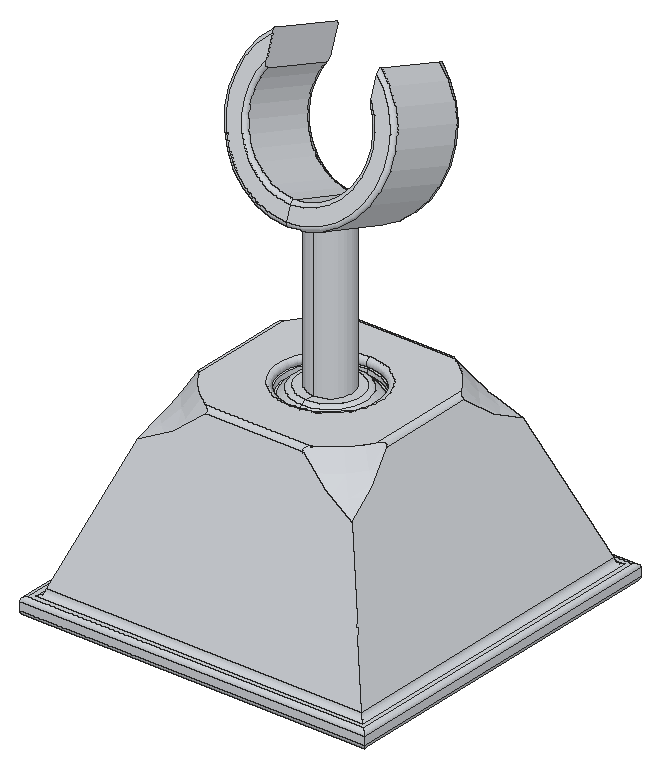
Revit family "Accessory-Handshower_Holder-KOHLER-MEMOIRS-K-422T_1", category Specialty Equipment, host Face, Revit 2017
Family settings
  Host = Face
  Round Connector Dimension = Use Diameter
  Part Type = Normal
  OmniClass Number = 23.31.25.00
  OmniClass Title = Toilet and Bath Specialties
  Cut with Voids When Loaded = No
  Shared = No
  Room Calculation Point = No
Parameters (values of type "CP-Polished Chrome")
  Width = 2 113/256"  # constant formula
  WaterSense Certified = 1 = 0  # no
  URL = "http://www.kohler.com.cn/"
  Type = 1
  Product Page URL = "https://m.kohler.com.cn/en/product/K-422T-CP/K-422T-CP/"
  Product Name = "MEMOIRS"  # constant formula
  Product Documentation Link = "https://files.kohler.com.cn/pdfs/k_975t_1.pdf"
  Model = if(Type = 1, "K-422T-CP", if(Type = 2, "K-422T-RGD ", "NA"))  # "K-422T-CP"
  Material = "Brass Construction"  # constant formula
  Master Format 2014 Name = "Toilet, Bath, and Laundry Accessories"  # constant formula
  Master Format 2014 = "10 28 00"  # constant formula
  Manufacturer Address = "158 Jiangchang 3rd Road Zhabei District Shanghai, 200436 China"  # constant formula
  Manufacturer = "KOHLER Co."  # constant formula
  Length = 3 129/256"  # constant formula
  Height = 2 113/256"  # constant formula
  Finish = Kohler-Metal-CP-Polished_Chrome
  Environmental Product Declaration = ""
  Description = "WALLMOUNT BRACKET"  # constant formula
  Default Elevation = 42"
  Declare Label = ""
  Date Modified = "06/18/2020"  # constant formula
  Date Created = "06/18/2020"  # constant formula
  Copyright = "Copyright KOHLER Co."  # constant formula
  Contact Us = "http://www.kohler.com.cn/en/contact/contact-us/"
  Assembly Code = "C1030200"
  ADA Compliant = 1 = 0  # no
Types (3): name | Type | Product Page URL | Model | Finish
  (no name) | 1 | "https://m.kohler.com.cn/en/product/K-422T-CP/K-422T-CP/" | "K-422T-CP" | Kohler-Metal-CP-Polished_Chrome
  CP-Polished Chrome | 1 | "https://m.kohler.com.cn/en/product/K-422T-CP/K-422T-CP/" | "K-422T-CP" | Kohler-Metal-CP-Polished_Chrome
  RGD-Rose Gold | 2 | "https://m.kohler.com.cn/en/product/K-422T-CP/K-422T-RGD/" | "K-422T-RGD " | Kohler-Metal-RGD-Rose_Gold
Reference planes (in)
  plane 1 "Center (Front/Back)": y = 0
  plane 2: z = 0
  plane 3 "Center (Left/Right)": x = 0
  plane 4: x = -1.2204724
  plane 5: x = 1.2209338
  plane 6: y = 1.2204724
  plane 7: y = -1.2209338
  plane 8: z = 3.5039062
  plane 9: through (0, -1.2204724, 3.3806751) normal (0, -0.342, -0.9397)
  plane 10: z = 1.375
  plane 11: x = 0.5879243
  plane 12: x = 0.37
  plane 13: x = -0.37
  plane 14: x = -0.5879243
  plane 15: z = 0.1207553
  plane 16: z = 2.3229435
  plane 17: y = 0.6733695
  plane 18: x = -0.6733695
  plane 19: y = -0.6733695
  plane 20: x = 0.6733695
Dimensions and locks (in)
  "Height": plane 7 to plane 6
  "Width": plane 4 to plane 5
  "Length": plane 8 to level
  locked: plane 9 to plane 1 "Center (Front/Back)" (angle 70.00°)
  aligned and locked: plane 2 to host face
  aligned and locked: level to host face
  aligned and locked: plane 3 "Center (Left/Right)" to nested 1
  aligned and locked: plane 1 "Center (Front/Back)" to nested 1
Automatic sketch dimensions
  host sketch curve to host sketch curve = 96"  (x2)
Nested families (in)
  nested 1: "K-422T" at (0, 0, 0), type "K-422T"
Definition of nested family "K-422T"
  Parameters (values of type "K-422T")
    Material = none
  Reference planes (in)
    plane 1 "Center (Front/Back)": y = 0
    plane 2: z = 0
    plane 3 "Center (Left/Right)": x = 0
    plane 4: z = 3.503937
    plane 5: x = -1.2204724
    plane 6: x = 1.2204724
    plane 7: y = 1.2204724
    plane 8: y = -1.2204724
    plane 9: z = 1.375
    plane 10: through (-240, -0.2169214, 3.0154124) normal (0, 0.342, 0.9397)
    plane 11: x = 0.5879243
    plane 12: x = -0.5879243
    plane 13: x = -0.37
    plane 14: x = 0.37
  Forms (in)
    Sweep 1, solid, material <- "Material", detail levels medium+fine
      path origin (0, 0, 0) x (1, 0, 0) y (0, 1, 0)
        loop
          line (-1.21875, 1.21875) -> (-1.21875, -1.21875) -> (1.21875, -1.21875) -> (1.21875, 1.21875) -> (-1.21875, 1.21875)
      profile origin (0, 1.21875, 0) x (0, 1, 0) y (0, 0, 1)
        loop
          line (-0.0312565, 0.12) -> (-0.0634381, 0.12)
          arc (-0.0634381, 0.12) -> (-0.0918312, 0.1316959) -> (-0.1037488, 0.1599967) r 0.0403119
          arc (-0.1037488, 0.1599967) -> (-0.3455292, 0.7443671) -> (-0.5453805, 1.344372) r 8.9375263
          arc (-0.5453805, 1.344372) -> (-0.5626394, 1.3665922) -> (-0.5894891, 1.375) r 0.0470753
          line (-0.5894891, 1.375) -> (-0.6202933, 1.375) -> (-0.6202933, 0) -> (-0.0324443, 0)
          arc (-0.0324443, 0) -> (-0.0095027, 0.0095027) -> (0, 0.0324443) r 0.0324443
          line (0, 0.0324443) -> (0, 0.0887435)
          arc (0, 0.0887435) -> (-0.0091548, 0.1108452) -> (-0.0312565, 0.12) r 0.0312565
    Revolve 2, void
      sketch origin (0, 0, 0) x (0, 1, 0) y (0, 0, 1)
        loop
          arc (0.7199492, 1.3983089) -> (0.9269259, 1.1666784) -> (1.2058806, 1.0300169) r 0.8097454
          arc (1.2058806, 1.0300169) -> (1.2340626, 1.0121746) -> (1.2471328, 0.9814868) r 0.0560952
          line (1.2471328, 0.9814868) -> (1.2471328, 1.4249111) -> (0.6790587, 1.4249111)
          arc (0.6790587, 1.4249111) -> (0.7026027, 1.4163732) -> (0.7199492, 1.3983089) r 0.0551892
        axis (0, 1.4249111) -> (0, 0.9814868)
      angle from 0 to 360
    Extrusion 3, solid, material <- "Material", detail levels medium+fine
      sketch origin (0, 0, 0) x (1, 0, 0) y (0, 1, 0)
        loop
          line (-0.5984567, 0.5984567) -> (-0.5984567, -0.5984567) -> (0.5984567, -0.5984567) -> (0.5984567, 0.5984567) -> (-0.5984567, 0.5984567)
      from 0 to 1.375
    Revolve 4, solid, material <- "Material", detail levels medium+fine
      sketch origin (0, 0, -0.026557) x (0, 1, 0) y (0, 0, 1)
        loop
          line (0.1884811, 2.3722836) -> (0.223512, 2.4685304)
          arc (0.223512, 2.4685304) -> (0.2225991, 2.4894384) -> (0.2071694, 2.5035772) r 0.0273438
          line (0.2071694, 2.5035772) -> (-0.3146537, 2.6935052)
          arc (-0.3146537, 2.6935052) -> (-0.3355618, 2.6925924) -> (-0.3497005, 2.6771626) r 0.0273438
          line (-0.3497005, 2.6771626) -> (-0.3853188, 2.5793022)
          arc (-0.3853188, 2.5793022) -> (-0.3844059, 2.5583941) -> (-0.3689762, 2.5442554) r 0.0273438
          line (-0.3689762, 2.5442554) -> (0.1512332, 2.3549146)
          arc (0.1512332, 2.3549146) -> (0.1734543, 2.3558848) -> (0.1884811, 2.3722836) r 0.029061
        axis (0.3795788, 2.8973203) -> (-0.1936337, 3.1059526)
      angle from 0 to 360
    Revolve 5, solid, material <- "Material", detail levels medium+fine
      sketch origin (0, 0, -0.026557) x (0, 1, 0) y (0, 0, 1)
        loop
          line (0, 2.4829447) -> (-0.1499998, 2.4829447) -> (-0.1499998, 1.379959) -> (-0.2141118, 1.379959)
          arc (-0.2141118, 1.379959) -> (-0.2346233, 1.3762516) -> (-0.2525391, 1.3655984) r 0.0585938
          arc (-0.2525391, 1.3655984) -> (-0.2961952, 1.3208543) -> (-0.3319164, 1.2695524) r 0.3796251
          line (-0.3319164, 1.2695524) -> (0, 1.2695524) -> (0, 2.4829447)
        axis (0, 2.4829447) -> (0, 1.2695524)
      angle from 0 to 360
    Extrusion 6, void
      sketch origin (0, -1.1778938, 0.2267643) x (1, 0, 0) y (0, 0.34202, 0.939693)
        loop
          line (0.37, 3.9667446) -> (-0.37, 3.9667446) -> (-0.37, 2.9667446) -> (0.37, 2.9667446) -> (0.37, 3.9667446)
      from -0.7521998 to 0.2389483
    Blend 7, solid, material <- "Material", detail levels coarse
      base sketch origin (0, 0, 0) x (1, 0, 0) y (0, 1, 0)
        loop
          line (-1.21875, 1.21875) -> (-1.21875, -1.21875) -> (1.21875, -1.21875) -> (1.21875, 1.21875) -> (-1.21875, 1.21875)
      top sketch origin (0, 0, 0) x (1, 0, 0) y (0, 1, 0)
        loop
          line (-0.6733695, 0.6733695) -> (-0.6733695, -0.6733695) -> (0.6733695, -0.6733695) -> (0.6733695, 0.6733695) -> (-0.6733695, 0.6733695)
      from 0 to 1.375
    Extrusion 8, solid, material <- "Material", detail levels coarse
      sketch origin (0, 0, 0) x (1, 0, 0) y (0, 1, 0)
        loop
          circle (0, 0) r 0.1567189
      from 1.1770332 to 2.5356889
    Extrusion 9, solid, material <- "Material", detail levels coarse
      sketch origin (0, -1.147934, 0.0385507) x (1, 0, 0) y (0, 0.34202, 0.939693)
        loop
          circle (0, 3.1882721) r 0.5908917
      from -0.4667187 to 0.1433468
    Revolve 10, void
      sketch origin (0, 0, 0) x (0, 1, 0) y (0, 0, 1)
        loop
          line (0.3542095, 1.375) -> (0, 1.375) -> (0, 1.2800001) -> (0.3232417, 1.2800001) -> (0.3232417, 1.315) -> (0.3542095, 1.315)
          arc (0.3542095, 1.315) -> (0.3242095, 1.345) -> (0.3542095, 1.375) r 0.03
        axis (0, 1.375) -> (0, 1.2800001)
      angle from 0 to 360
  Cuts and joins
    joined: Blend 7, Extrusion 8, Extrusion 9
    Revolve 2, Revolve 10 cuts Sweep 1
    Revolve 2, Revolve 10 cuts Extrusion 3
    joined: Sweep 1, Extrusion 3
    Extrusion 6 cuts Revolve 4
    joined: Revolve 4, Revolve 5
  Lines and regions (in)
    Masking region 1
      outline origin (0, 0, 0) x (1, 0, 0) y (0, 1, 0)
        loop
          line (1.1623987, 1.2204724) -> (-1.1623987, 1.2204724)
          arc (-1.1623987, 1.2204724) -> (-1.203463, 1.203463) -> (-1.2204724, 1.1623987) r 0.0580737
          line (-1.2204724, 1.1623987) -> (-1.2204724, -1.1623987)
          arc (-1.2204724, -1.1623987) -> (-1.203463, -1.203463) -> (-1.1623987, -1.2204724) r 0.0580737
          line (-1.1623987, -1.2204724) -> (1.1623987, -1.2204724)
          arc (1.1623987, -1.2204724) -> (1.203463, -1.203463) -> (1.2204724, -1.1623987) r 0.0580737
          line (1.2204724, -1.1623987) -> (1.2204724, 1.1623987)
          arc (1.2204724, 1.1623987) -> (1.203463, 1.203463) -> (1.1623987, 1.2204724) r 0.0580737
    Masking region 2
      outline origin (0, 0, 0) x (1, 0, 0) y (0, 0, 1)
        loop
          line (1.1915765, 0.12) -> (1.1553119, 0.12)
          arc (1.1553119, 0.12) -> (1.1269188, 0.1316959) -> (1.1150012, 0.1599967) r 0.0403119
          arc (1.1150012, 0.1599967) -> (0.8732208, 0.7443671) -> (0.6733695, 1.344372) r 8.9375263
          arc (0.6733695, 1.344372) -> (0.6561106, 1.3665922) -> (0.6292609, 1.375) r 0.0470753
          line (0.6292609, 1.375) -> (0.15, 1.375) -> (0.15, 2.3430622)
          arc (0.15, 2.3430622) -> (0.4657487, 2.5527354) -> (0.5879243, 2.9115294) r 0.5879243
          line (0.5879243, 2.9115294) -> (0.5879243, 3.086598)
          arc (0.5879243, 3.086598) -> (0.5372299, 3.3149621) -> (0.39467, 3.5004259) r 0.5397054
          arc (0.39467, 3.5004259) -> (0.3786675, 3.5025189) -> (0.37, 3.4889052) r 0.015025
          line (0.37, 3.4889052) -> (0.37, 3.1012324)
          arc (0.37, 3.1012324) -> (0.3720052, 3.0852086) -> (0.3778974, 3.070173) r 0.0650248
          arc (0.3778974, 3.070173) -> (0.400014, 3.0228546) -> (0.4162323, 2.9732044) r 0.4301386
          arc (0.4162323, 2.9732044) -> (0.0001499, 2.669054) -> (-0.4163981, 2.9725666) r 0.437137
          arc (-0.4163981, 2.9725666) -> (-0.400135, 3.0225482) -> (-0.3778974, 3.070173) r 0.4301386
          arc (-0.3778974, 3.070173) -> (-0.3720052, 3.0852086) -> (-0.37, 3.1012324) r 0.0650248
          line (-0.37, 3.1012324) -> (-0.37, 3.4889052)
          arc (-0.37, 3.4889052) -> (-0.3786675, 3.5025189) -> (-0.39467, 3.5004259) r 0.015025
          arc (-0.39467, 3.5004259) -> (-0.5372299, 3.3149621) -> (-0.5879243, 3.086598) r 0.5397054
          line (-0.5879243, 3.086598) -> (-0.5879243, 2.9115294)
          arc (-0.5879243, 2.9115294) -> (-0.4657487, 2.5527354) -> (-0.15, 2.3430622) r 0.5879243
          line (-0.15, 2.3430622) -> (-0.15, 1.375) -> (-0.6292609, 1.375)
          arc (-0.6292609, 1.375) -> (-0.6561106, 1.3665922) -> (-0.6733695, 1.344372) r 0.0470753
          arc (-0.6733695, 1.344372) -> (-0.8732208, 0.7443671) -> (-1.1150012, 0.1599967) r 8.9375263
          arc (-1.1150012, 0.1599967) -> (-1.1269188, 0.1316959) -> (-1.1553119, 0.12) r 0.0403119
          line (-1.1553119, 0.12) -> (-1.1915765, 0.12)
          arc (-1.1915765, 0.12) -> (-1.212009, 0.1115366) -> (-1.2204724, 0.0911041) r 0.0288959
          line (-1.2204724, 0.0911041) -> (-1.2204724, 0.0279742)
          arc (-1.2204724, 0.0279742) -> (-1.212279, 0.0081935) -> (-1.1924982, 0) r 0.0279742
          line (-1.1924982, 0) -> (1.1924982, 0)
          arc (1.1924982, 0) -> (1.212279, 0.0081935) -> (1.2204724, 0.0279742) r 0.0279742
          line (1.2204724, 0.0279742) -> (1.2204724, 0.0911041)
          arc (1.2204724, 0.0911041) -> (1.212009, 0.1115366) -> (1.1915765, 0.12) r 0.0288959
    Masking region 3
      outline origin (0, 0, 0) x (0, 1, 0) y (0, 0, 1)
        loop
          line (1.1907738, 0.12) -> (1.1553119, 0.12)
          arc (1.1553119, 0.12) -> (1.1269188, 0.1316959) -> (1.1150012, 0.1599967) r 0.0403119
          arc (1.1150012, 0.1599967) -> (0.8732208, 0.7443671) -> (0.6733695, 1.344372) r 8.9375263
          arc (0.6733695, 1.344372) -> (0.6561106, 1.3665922) -> (0.6292609, 1.375) r 0.0470753
          line (0.6292609, 1.375) -> (0.1567189, 1.375) -> (0.1567189, 2.3270126)
          arc (0.1567189, 2.3270126) -> (0.1760468, 2.3308682) -> (0.1886023, 2.3460599) r 0.0294155
          line (0.1886023, 2.3460599) -> (0.5236953, 3.2667203)
          arc (0.5236953, 3.2667203) -> (0.5222495, 3.2998346) -> (0.4978119, 3.3222276) r 0.0433071
          line (0.4978119, 3.3222276) -> (0.0057702, 3.5013161)
          arc (0.0057702, 3.5013161) -> (-0.0271649, 3.4998781) -> (-0.0494368, 3.4755727) r 0.0430728
          line (-0.0494368, 3.4755727) -> (-0.384406, 2.5552522)
          arc (-0.384406, 2.5552522) -> (-0.3834041, 2.5323042) -> (-0.366469, 2.516786) r 0.0300115
          line (-0.366469, 2.516786) -> (-0.1567189, 2.4404433) -> (-0.1567189, 1.375) -> (-0.6292609, 1.375)
          arc (-0.6292609, 1.375) -> (-0.6561106, 1.3665922) -> (-0.6733695, 1.344372) r 0.0470753
          arc (-0.6733695, 1.344372) -> (-0.8732208, 0.7443671) -> (-1.1150012, 0.1599967) r 8.9375263
          arc (-1.1150012, 0.1599967) -> (-1.1269188, 0.1316959) -> (-1.1553119, 0.12) r 0.0403119
          line (-1.1553119, 0.12) -> (-1.1907738, 0.12)
          arc (-1.1907738, 0.12) -> (-1.2117739, 0.1113015) -> (-1.2204724, 0.0903014) r 0.0296986
          line (-1.2204724, 0.0903014) -> (-1.2204724, 0.0319689)
          arc (-1.2204724, 0.0319689) -> (-1.211109, 0.0093635) -> (-1.1885036, 0) r 0.0319689
          line (-1.1885036, 0) -> (1.1885036, 0)
          arc (1.1885036, 0) -> (1.211109, 0.0093635) -> (1.2204724, 0.0319689) r 0.0319689
          line (1.2204724, 0.0319689) -> (1.2204724, 0.0903014)
          arc (1.2204724, 0.0903014) -> (1.2117739, 0.1113015) -> (1.1907738, 0.12) r 0.0296986
    symbolic lines, detail levels medium+fine
      curve 1: spline (-0.7553726, 0.7553726, 0) -> (-0.7165646, 0.7503744, 0) -> (-0.6783549, 0.7450072, 0) -> (-0.6407918, 0.7392778, 0) -> (-0.6039231, 0.7331935, 0) -> (-0.5677956, 0.7267621, 0) -> (-0.5324551, 0.7199917, 0) -> (-0.4979465, 0.7128908, 0) -> (-0.4643136, 0.7054686, 0) -> (-0.4315991, 0.6977343, 0) -> (-0.3998446, 0.6896979, 0) -> (-0.3690902, 0.6813696, 0) -> (-0.3393751, 0.6727598, 0)
      curve 2: spline (-0.6727867, 0.3394144, 0) -> (-0.6811923, 0.3691322, 0) -> (-0.6893528, 0.3998882, 0) -> (-0.697258, 0.4316432, 0) -> (-0.7048977, 0.4643571, 0) -> (-0.7122622, 0.4979882, 0) -> (-0.7193423, 0.532494, 0) -> (-0.726129, 0.5678306, 0) -> (-0.7326136, 0.6039531, 0) -> (-0.7387879, 0.6408158, 0) -> (-0.744644, 0.6783719, 0) -> (-0.7501746, 0.7165736, 0) -> (-0.7553726, 0.7553726, 0)
      curve 3: arc (-0.3735598, 0.6322267, 0) -> (-0.5195823, 0.5189332, 0) -> (-0.6326931, 0.3727692, 0) r 0.7343415
      curve 4: spline (-0.3393751, 0.6727598, 0) -> (-0.3385705, 0.6694775, 0) -> (-0.3385482, 0.6659032, 0) -> (-0.3393086, 0.6621155, 0) -> (-0.340835, 0.6581977, 0) -> (-0.3430939, 0.6542357, 0) -> (-0.3460356, 0.6503166, 0) -> (-0.3495956, 0.6465266, 0) -> (-0.3536956, 0.6429487, 0) -> (-0.3582456, 0.6396618, 0) -> (-0.3631456, 0.6367378, 0) -> (-0.368288, 0.6342412, 0) -> (-0.3735598, 0.6322267, 0)
      curve 5: spline (-0.6326931, 0.3727692, 0) -> (-0.6349422, 0.3677056, 0) -> (-0.6376204, 0.3627677, 0) -> (-0.6406709, 0.3580602, 0) -> (-0.644029, 0.353683, 0) -> (-0.6476234, 0.3497289, 0) -> (-0.6513781, 0.3462818, 0) -> (-0.6552133, 0.3434148, 0) -> (-0.6590476, 0.3411886, 0) -> (-0.6627999, 0.3396506, 0) -> (-0.6663904, 0.3388332, 0) -> (-0.669743, 0.338754, 0) -> (-0.6727867, 0.3394144, 0)
      curve 6: line (0.341414, 0.6733695, 0) -> (-0.341414, 0.6733695, 0)
      curve 7: arc (0.2139223, 0.2423272, 0) -> (0, 0.3232417, 0) -> (-0.2139223, 0.2423272, 0) r 0.3232417
      curve 8: line (-0.37, 0.5015875, 0) -> (-0.37, -0.0937033, 0)
      curve 9: line (0.37, -0.0937033, 0) -> (0.37, 0.5015875, 0)
      curve 10: line (-0.6733695, 0.341414, 0) -> (-0.6733695, -0.341414, 0)
      curve 11: line (0.6733695, -0.341414, 0) -> (0.6733695, 0.341414, 0)
      curve 12: spline (0.7553726, 0.7553726, 0) -> (0.7167886, 0.7504045, 0) -> (0.6787956, 0.7450717, 0) -> (0.6414413, 0.7393808, 0) -> (0.6047724, 0.733339, 0) -> (0.5688351, 0.7269539, 0) -> (0.5336743, 0.7202335, 0) -> (0.4993343, 0.7131862, 0) -> (0.4658581, 0.7058208, 0) -> (0.4332877, 0.6981466, 0) -> (0.401664, 0.6901733, 0) -> (0.3710266, 0.6819108, 0) -> (0.341414, 0.6733695, 0)
      curve 13: spline (0.6733695, 0.341414, 0) -> (0.6817115, 0.3710312, 0) -> (0.6898106, 0.4016724, 0) -> (0.6976566, 0.433299, 0) -> (0.7052397, 0.4658715, 0) -> (0.7125504, 0.499349, 0) -> (0.7195794, 0.5336894, 0) -> (0.7263181, 0.5688498, 0) -> (0.7327579, 0.6047858, 0) -> (0.7388907, 0.6414526, 0) -> (0.7447089, 0.678804, 0) -> (0.7502052, 0.7167932, 0) -> (0.7553726, 0.7553726, 0)
      curve 14: arc (0.3735598, 0.6322267, 0) -> (0.5195823, 0.5189332, 0) -> (0.6326931, 0.3727692, 0) r 0.7343415
      curve 15: spline (0.3393751, 0.6727598, 0) -> (0.3385705, 0.6694775, 0) -> (0.3385482, 0.6659032, 0) -> (0.3393086, 0.6621155, 0) -> (0.340835, 0.6581977, 0) -> (0.3430939, 0.6542357, 0) -> (0.3460356, 0.6503166, 0) -> (0.3495956, 0.6465266, 0) -> (0.3536956, 0.6429487, 0) -> (0.3582456, 0.6396618, 0) -> (0.3631456, 0.6367378, 0) -> (0.368288, 0.6342412, 0) -> (0.3735598, 0.6322267, 0)
      curve 16: spline (0.6326931, 0.3727692, 0) -> (0.6349422, 0.3677056, 0) -> (0.6376204, 0.3627677, 0) -> (0.6406709, 0.3580602, 0) -> (0.644029, 0.353683, 0) -> (0.6476234, 0.3497289, 0) -> (0.6513781, 0.3462818, 0) -> (0.6552133, 0.3434148, 0) -> (0.6590476, 0.3411886, 0) -> (0.6627999, 0.3396506, 0) -> (0.6663904, 0.3388332, 0) -> (0.669743, 0.338754, 0) -> (0.6727867, 0.3394144, 0)
      curve 17: spline (0.7553726, -0.7553726, 0) -> (0.7165646, -0.7503744, 0) -> (0.6783549, -0.7450072, 0) -> (0.6407918, -0.7392778, 0) -> (0.6039231, -0.7331935, 0) -> (0.5677956, -0.7267621, 0) -> (0.5324551, -0.7199917, 0) -> (0.4979465, -0.7128908, 0) -> (0.4643136, -0.7054686, 0) -> (0.4315991, -0.6977343, 0) -> (0.3998446, -0.6896979, 0) -> (0.3690902, -0.6813696, 0) -> (0.3393751, -0.6727598, 0)
      curve 18: spline (0.6733695, -0.341414, 0) -> (0.6817115, -0.3710312, 0) -> (0.6898106, -0.4016724, 0) -> (0.6976566, -0.433299, 0) -> (0.7052397, -0.4658715, 0) -> (0.7125504, -0.499349, 0) -> (0.7195794, -0.5336894, 0) -> (0.7263181, -0.5688498, 0) -> (0.7327579, -0.6047858, 0) -> (0.7388907, -0.6414526, 0) -> (0.7447089, -0.678804, 0) -> (0.7502052, -0.7167932, 0) -> (0.7553726, -0.7553726, 0)
      curve 19: arc (0.3735598, -0.6322267, 0) -> (0.5195823, -0.5189332, 0) -> (0.6326931, -0.3727692, 0) r 0.7343415
      curve 20: spline (0.3393751, -0.6727598, 0) -> (0.3385705, -0.6694775, 0) -> (0.3385482, -0.6659032, 0) -> (0.3393086, -0.6621155, 0) -> (0.340835, -0.6581977, 0) -> (0.3430939, -0.6542357, 0) -> (0.3460356, -0.6503166, 0) -> (0.3495956, -0.6465266, 0) -> (0.3536956, -0.6429487, 0) -> (0.3582456, -0.6396618, 0) -> (0.3631456, -0.6367378, 0) -> (0.368288, -0.6342412, 0) -> (0.3735598, -0.6322267, 0)
      curve 21: spline (0.6326931, -0.3727692, 0) -> (0.6349422, -0.3677056, 0) -> (0.6376204, -0.3627677, 0) -> (0.6406709, -0.3580602, 0) -> (0.644029, -0.353683, 0) -> (0.6476234, -0.3497289, 0) -> (0.6513781, -0.3462818, 0) -> (0.6552133, -0.3434148, 0) -> (0.6590476, -0.3411886, 0) -> (0.6627999, -0.3396506, 0) -> (0.6663904, -0.3388332, 0) -> (0.669743, -0.338754, 0) -> (0.6727867, -0.3394144, 0)
      curve 22: spline (-0.7553726, -0.7553726, 0) -> (-0.7165646, -0.7503744, 0) -> (-0.6783549, -0.7450072, 0) -> (-0.6407918, -0.7392778, 0) -> (-0.6039231, -0.7331935, 0) -> (-0.5677956, -0.7267621, 0) -> (-0.5324551, -0.7199917, 0) -> (-0.4979465, -0.7128908, 0) -> (-0.4643136, -0.7054686, 0) -> (-0.4315991, -0.6977343, 0) -> (-0.3998446, -0.6896979, 0) -> (-0.3690902, -0.6813696, 0) -> (-0.3393751, -0.6727598, 0)
      curve 23: spline (-0.6733695, -0.341414, 0) -> (-0.6817115, -0.3710312, 0) -> (-0.6898106, -0.4016724, 0) -> (-0.6976566, -0.433299, 0) -> (-0.7052397, -0.4658715, 0) -> (-0.7125504, -0.499349, 0) -> (-0.7195794, -0.5336894, 0) -> (-0.7263181, -0.5688498, 0) -> (-0.7327579, -0.6047858, 0) -> (-0.7388907, -0.6414526, 0) -> (-0.7447089, -0.678804, 0) -> (-0.7502052, -0.7167932, 0) -> (-0.7553726, -0.7553726, 0)
      curve 24: arc (-0.3735598, -0.6322267, 0) -> (-0.5195823, -0.5189332, 0) -> (-0.6326931, -0.3727692, 0) r 0.7343415
      curve 25: spline (-0.3393751, -0.6727598, 0) -> (-0.3385705, -0.6694775, 0) -> (-0.3385482, -0.6659032, 0) -> (-0.3393086, -0.6621155, 0) -> (-0.340835, -0.6581977, 0) -> (-0.3430939, -0.6542357, 0) -> (-0.3460356, -0.6503166, 0) -> (-0.3495956, -0.6465266, 0) -> (-0.3536956, -0.6429487, 0) -> (-0.3582456, -0.6396618, 0) -> (-0.3631456, -0.6367378, 0) -> (-0.368288, -0.6342412, 0) -> (-0.3735598, -0.6322267, 0)
      curve 26: spline (-0.6326931, -0.3727692, 0) -> (-0.6349422, -0.3677056, 0) -> (-0.6376204, -0.3627677, 0) -> (-0.6406709, -0.3580602, 0) -> (-0.644029, -0.353683, 0) -> (-0.6476234, -0.3497289, 0) -> (-0.6513781, -0.3462818, 0) -> (-0.6552133, -0.3434148, 0) -> (-0.6590476, -0.3411886, 0) -> (-0.6627999, -0.3396506, 0) -> (-0.6663904, -0.3388332, 0) -> (-0.669743, -0.338754, 0) -> (-0.6727867, -0.3394144, 0)
      curve 27: spline (-0.37, 0.288762, 0) -> (-0.3270091, 0.2705877, 0) -> (-0.2742129, 0.2549109, 0) -> (-0.2131945, 0.2422018, 0) -> (-0.1457835, 0.2328416, 0) -> (-0.0740012, 0.2271107, 0) -> (0, 0.2251812, 0) -> (0.0740012, 0.2271107, 0) -> (0.1457835, 0.2328416, 0) -> (0.2131945, 0.2422018, 0) -> (0.2742129, 0.2549109, 0) -> (0.3270091, 0.2705877, 0) -> (0.37, 0.288762, 0)
      curve 28: line (-0.5877934, 0.3522707, 0) -> (-0.5877934, -0.1679398, 0)
      curve 29: line (0.5877934, 0.3522707, 0) -> (0.5877934, -0.1679398, 0)
      curve 30: spline (-0.5877934, 0.3522707, 0) -> (-0.586339, 0.368051, 0) -> (-0.5819832, 0.3837532, 0) -> (-0.5747473, 0.3992996, 0) -> (-0.5646673, 0.4146133, 0) -> (-0.5517929, 0.4296185, 0) -> (-0.5361881, 0.4442409, 0) -> (-0.5179298, 0.4584082, 0) -> (-0.4971086, 0.4720502, 0) -> (-0.4738273, 0.4850996, 0) -> (-0.4482014, 0.4974916, 0) -> (-0.4203575, 0.509165, 0) -> (-0.3904334, 0.520062, 0)
      curve 31: spline (-0.5877934, -0.1679398, 0) -> (-0.5677648, -0.224603, 0) -> (-0.509044, -0.2774048, 0) -> (-0.4156327, -0.3227467, 0) -> (-0.2938967, -0.3575388, 0) -> (-0.1521321, -0.37941, 0) -> (0, -0.3868699, 0) -> (0.1521321, -0.37941, 0) -> (0.2938967, -0.3575388, 0) -> (0.4156327, -0.3227467, 0) -> (0.509044, -0.2774048, 0) -> (0.5677648, -0.224603, 0) -> (0.5877934, -0.1679398, 0)
      curve 32: spline (0.3904334, 0.520062, 0) -> (0.4203575, 0.509165, 0) -> (0.4482014, 0.4974916, 0) -> (0.4738273, 0.4850996, 0) -> (0.4971086, 0.4720502, 0) -> (0.5179298, 0.4584082, 0) -> (0.5361881, 0.4442409, 0) -> (0.5517929, 0.4296185, 0) -> (0.5646673, 0.4146133, 0) -> (0.5747473, 0.3992996, 0) -> (0.5819832, 0.3837532, 0) -> (0.586339, 0.368051, 0) -> (0.5877934, 0.3522707, 0)
      curve 33: arc (-0.3904334, 0.520062, 0) -> (-0.3761154, 0.5153609, 0) -> (-0.37, 0.5015875, 0) r 0.0185684
      curve 34: arc (0.3904334, 0.520062, 0) -> (0.3761154, 0.5153609, 0) -> (0.37, 0.5015875, 0) r 0.0185684
      curve 35: spline (0.3789983, -0.1133957, 0) -> (0.4244986, -0.151179, 0) -> (0.4205318, -0.1909154, 0) -> (0.3675602, -0.2279743, 0) -> (0.2717566, -0.2580372, 0) -> (0.1442851, -0.277601, 0) -> (0, -0.2843858, 0) -> (-0.1442851, -0.277601, 0) -> (-0.2717566, -0.2580372, 0) -> (-0.3675602, -0.2279743, 0) -> (-0.4205318, -0.1909154, 0) -> (-0.4244986, -0.151179, 0) -> (-0.3789983, -0.1133957, 0)
      curve 36: arc (-0.37, -0.0937033, 0) -> (-0.3723561, -0.1045287, 0) -> (-0.3789983, -0.1133957, 0) r 0.0260473
      curve 37: arc (0.37, -0.0937033, 0) -> (0.3723561, -0.1045287, 0) -> (0.3789983, -0.1133957, 0) r 0.0260473
      curve 38: line (1.0837512, 1.1150012, 0) -> (-1.082065, 1.1150012, 0)
      curve 39: line (-1.1150012, 1.082065, 0) -> (-1.1150012, -1.0837512, 0)
      curve 40: line (-1.0837512, -1.1150012, 0) -> (1.0837512, -1.1150012, 0)
      curve 41: line (1.1150012, -1.0837512, 0) -> (1.1150012, 1.0837512, 0)
      curve 42: line (-1.1053544, 1.1053544, 0) -> (-0.7553726, 0.7553726, 0)
      curve 43: line (1.1058483, 1.1058483, 0) -> (0.7553726, 0.7553726, 0)
      curve 44: line (1.1058483, -1.1058483, 0) -> (0.7553726, -0.7553726, 0)
      curve 45: line (-1.1058483, -1.1058483, 0) -> (-0.7553726, -0.7553726, 0)
      curve 46: line (0.341414, -0.6733695, 0) -> (-0.341414, -0.6733695, 0)
      curve 47: line (1.1552301, 0, 0.1207553) -> (-1.1552301, 0, 0.1207553)
      curve 48: line (-1.1150012, 0, 0.1599967) -> (1.1150012, 0, 0.1599967)
      curve 49: spline (0.3547712, 0, 1.375) -> (0.3518846, 0, 1.3739612) -> (0.3492225, 0, 1.3726082) -> (0.3468123, 0, 1.3709549) -> (0.3446791, 0, 1.3690184) -> (0.3428447, 0, 1.3668186) -> (0.3413282, 0, 1.3643784) -> (0.3401452, 0, 1.3617228) -> (0.3393078, 0, 1.3588794) -> (0.3388248, 0, 1.3558773) -> (0.3387011, 0, 1.3527477) -> (0.338938, 0, 1.3495229) -> (0.3395331, 0, 1.346236)
      curve 50: spline (0.3395331, 0, 1.346236) -> (0.3692451, 0, 1.3177627) -> (0.3999943, 0, 1.2903388) -> (0.4317419, 0, 1.2639991) -> (0.4644474, 0, 1.2387771) -> (0.4980695, 0, 1.2147046) -> (0.5325654, 0, 1.1918123) -> (0.5678915, 0, 1.1701291) -> (0.604003, 0, 1.1496826) -> (0.640854, 0, 1.1304986) -> (0.6783978, 0, 1.1126016) -> (0.7165868, 0, 1.0960142) -> (0.7553726, 0, 1.0807574)
      curve 51: line (0.341414, 0, 1.344372) -> (-0.341414, 0, 1.344372)
      curve 52: spline (-0.7553726, 0, 1.0807574) -> (-0.7167886, 0, 1.0959835) -> (-0.6787956, 0, 1.1125162) -> (-0.6414413, 0, 1.1303349) -> (-0.6047724, 0, 1.1494171) -> (-0.5688351, 0, 1.169739) -> (-0.5336743, 0, 1.1912749) -> (-0.4993343, 0, 1.213998) -> (-0.4658581, 0, 1.2378797) -> (-0.4332877, 0, 1.26289) -> (-0.401664, 0, 1.2889975) -> (-0.3710266, 0, 1.3161695) -> (-0.341414, 0, 1.344372)
      curve 53: spline (-0.3399862, 0, 1.3443752) -> (-0.3390453, 0, 1.3478972) -> (-0.3385459, 0, 1.3513741) -> (-0.338494, 0, 1.3547621) -> (-0.3388905, 0, 1.3580187) -> (-0.3397302, 0, 1.3611029) -> (-0.3410027, 0, 1.363976) -> (-0.342692, 0, 1.3666019) -> (-0.3447768, 0, 1.3689477) -> (-0.347231, 0, 1.3709839) -> (-0.3500237, 0, 1.3726848) -> (-0.3531198, 0, 1.3740291) -> (-0.3564805, 0, 1.375)
      curve 54: line (0.15, 0, 1.375) -> (-0.15, 0, 1.375)
      curve 55: arc (0.15, 0, 2.3430622) -> (0, 0, 2.3229435) -> (-0.15, 0, 2.3430622) r 0.5692396
      curve 56: line (0, 1.1553119, 0.12) -> (0, -1.1553119, 0.12)
      curve 57: line (0, 1.1150012, 0.1599967) -> (0, -1.1150012, 0.1599967)
      curve 58: spline (0, 0.3395331, 1.3462361) -> (0, 0.3692449, 1.3177627) -> (0, 0.399994, 1.2903388) -> (0, 0.4317415, 1.2639991) -> (0, 0.464447, 1.238777) -> (0, 0.498069, 1.2147045) -> (0, 0.532565, 1.1918122) -> (0, 0.5678911, 1.170129) -> (0, 0.6040026, 1.1496825) -> (0, 0.6408536, 1.1304985) -> (0, 0.6783975, 1.1126015) -> (0, 0.7165867, 1.0960141) -> (0, 0.7553726, 1.0807574)
      curve 59: spline (0, 0.3547712, 1.375) -> (0, 0.3518846, 1.3739612) -> (0, 0.3492225, 1.3726082) -> (0, 0.3468124, 1.3709549) -> (0, 0.3446791, 1.3690184) -> (0, 0.3428447, 1.3668186) -> (0, 0.3413282, 1.3643784) -> (0, 0.3401452, 1.3617228) -> (0, 0.3393078, 1.3588794) -> (0, 0.3388248, 1.3558773) -> (0, 0.3387011, 1.3527477) -> (0, 0.338938, 1.3495229) -> (0, 0.3395331, 1.3462361)
      curve 60: line (0, 0.341414, 1.344372) -> (0, -0.3419952, 1.344372)
      curve 61: spline (0, -0.3419952, 1.344372) -> (0, -0.3407486, 1.3477992) -> (0, -0.3399305, 1.3511966) -> (0, -0.3395511, 1.3545216) -> (0, -0.3396153, 1.3577325) -> (0, -0.3401222, 1.360789) -> (0, -0.3410654, 1.3636528) -> (0, -0.3424332, 1.366288) -> (0, -0.3442083, 1.3686614) -> (0, -0.3463686, 1.3707435) -> (0, -0.3488869, 1.372508) -> (0, -0.3517316, 1.3739328) -> (0, -0.3548671, 1.375)
      curve 62: spline (0, -0.7553726, 1.0807574) -> (0, -0.7167886, 1.0959835) -> (0, -0.6787956, 1.1125162) -> (0, -0.6414413, 1.1303349) -> (0, -0.6047724, 1.1494171) -> (0, -0.5688351, 1.169739) -> (0, -0.5336743, 1.1912749) -> (0, -0.4993343, 1.213998) -> (0, -0.4658581, 1.2378797) -> (0, -0.4332877, 1.26289) -> (0, -0.401664, 1.2889975) -> (0, -0.3710266, 1.3161695) -> (0, -0.341414, 1.344372)
      curve 63: line (0, 0.1567189, 1.375) -> (0, -0.1567189, 1.375)
      curve 64: arc (0, 0.1567189, 2.3270126) -> (0, 0.0104651, 2.4126008) -> (0, -0.1565922, 2.4410161) r 0.4719833
      curve 65: arc (-1.082065, 1.1150012, 0) -> (-1.1053544, 1.1053544, 0) -> (-1.1150012, 1.082065, 0) r 0.0329362
      curve 66: arc (1.1150012, 1.0837512, 0) -> (1.1058483, 1.1058483, 0) -> (1.0837512, 1.1150012, 0) r 0.03125
      curve 67: arc (1.0837512, -1.1150012, 0) -> (1.1058483, -1.1058483, 0) -> (1.1150012, -1.0837512, 0) r 0.03125
      curve 68: arc (-1.1150012, -1.0837512, 0) -> (-1.1058483, -1.1058483, 0) -> (-1.0837512, -1.1150012, 0) r 0.03125
      curve 69: arc (0.4168326, 0, 2.759172) -> (0.0021759, 0, 2.4760761) -> (-0.4124808, 0, 2.759172) r 0.4452263
      curve 70: arc (0.4162323, 0, 2.9732044) -> (0.4368658, 0, 2.8662452) -> (0.4168326, 0, 2.759172) r 0.2917865
      curve 71: arc (-0.4124808, 0, 2.759172) -> (-0.4335449, 0, 2.8655186) -> (-0.4163981, 0, 2.9725666) r 0.3075387
      curve 72: arc (-0.37, -0.0496583, 0) -> (-0.4756734, -0.0815737, 0) -> (-0.5636068, -0.1483059, 0) r 0.3118413
      curve 73: arc (-0.5636068, -0.1483059, 0) -> (-0.5792544, -0.1876412, 0) -> (-0.5646762, -0.2273852, 0) r 0.0592854
      curve 74: arc (0.37, -0.0496583, 0) -> (0.4756734, -0.0815737, 0) -> (0.5636068, -0.1483059, 0) r 0.3118413
      curve 75: arc (0.5636068, -0.1483059, 0) -> (0.5792544, -0.1876412, 0) -> (0.5646762, -0.2273852, 0) r 0.0592854
  Dimensions and locks (in)
    plane 5 to plane 6 = 2.44094"
    plane 4 to level = 3.50394"
    plane 7 to plane 8 = 2.44094"
    angle plane 10 to plane 1 "Center (Front/Back)" = 70.00°
    aligned and locked: level to plane 2
